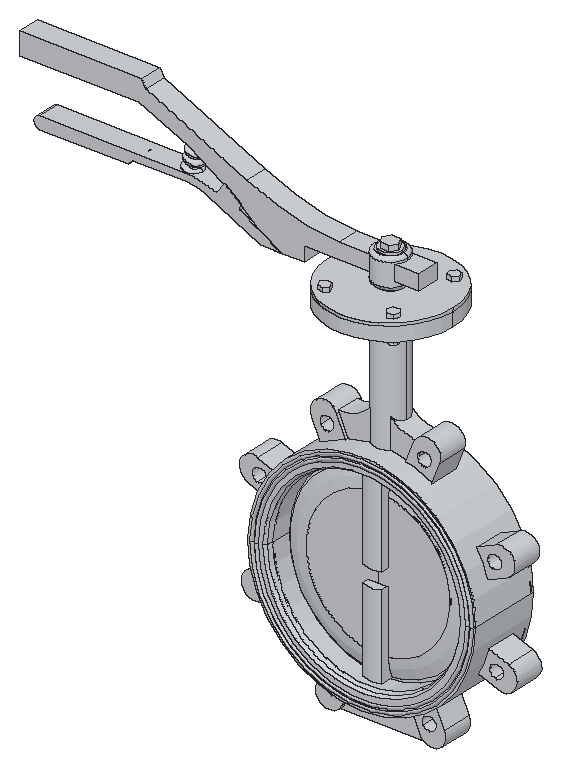
Revit family "R59FLX010", category Plumbing Fixtures, Revit 2015
Reference planes
  plane 1 "Center (Front/Back)": y = 0
  plane 2: z = 0
  plane 3 "Center (Left/Right)": x = 0
  plane 4: z = 180
  plane 5: x = -260
  plane 6: z = 257
  plane 7: z = -100
  plane 8: z = -30
  plane 9: z = 210
  plane 10: y = -25.738
  plane 11: y = 25.762
Forms (mm)
  Extrusion 1, solid
    sketch origin (0, 0, 170) x (1, 0, 0) y (0, 1, 0)
      loop
        circle (0, 0) r 45
    from 0 to 10
  Extrusion 2, solid
    sketch origin (0, 45.948, -100.573) x (1, 0, 0) y (0, 0, 1)
      loop
        arc (-96.679, 319.319) -> (-132.67, 336.792) -> (-169.654, 352.049) r 659.286
        line (-169.654, 352.049) -> (-172.843, 357.573) -> (-260, 357.573) -> (-260, 341.853) -> (-174.471, 341.853)
        arc (-174.471, 341.853) -> (-122.152, 316.93) -> (-77.024, 280.573) r 248.649
        line (-77.024, 280.573) -> (-55.568, 280.573) -> (-55.568, 291.199) -> (26.878, 291.199) -> (26.878, 302.179) -> (-30.767, 302.179)
        arc (-30.767, 302.179) -> (-64.704, 306.978) -> (-96.679, 319.319) r 150.722
    from 37.966 to 54.11
  Extrusion 3, solid
    sketch origin (-37.783, 45.948, -170.087) x (1, 0, 0) y (0, 0, 1)
      loop
        line (-98.516, 377.301) -> (-208.006, 377.301)
        arc (-208.006, 377.301) -> (-212.274, 373.033) -> (-208.006, 368.766) r 4.268
        line (-208.006, 368.766) -> (-144.475, 368.766) -> (-140.939, 372.301) -> (-103.305, 372.301)
        arc (-103.305, 372.301) -> (-95.507, 371.471) -> (-88.058, 369.019) r 37.057
        arc (-88.058, 369.019) -> (-68.407, 360.05) -> (-49.241, 350.087) r 421.945
        line (-49.241, 350.087) -> (-34.866, 350.087)
        arc (-34.866, 350.087) -> (-48.985, 359.43) -> (-64, 367.252) r 162.429
        line (-64, 367.252) -> (-63.437, 371.843) -> (-74.98, 380.231) -> (-80.609, 372.485)
        arc (-80.609, 372.485) -> (-89.36, 375.646) -> (-98.516, 377.301) r 55.494
    from 37.966 to 54.11
  Extrusion 4, solid
    sketch origin (0, 0, -76.95) x (1, 0, 0) y (0, 1, 0)
      loop
        circle (0, 0) r 12
    from 148.302 to 246.95
  Revolve 5, solid
    sketch origin (0, 0, 0) x (0, 1, 0) y (0, 0, 1)
      loop
        line (11.11, 0) -> (-11.11, 0) -> (-11.11, -52.063)
        arc (-11.11, -52.063) -> (-10.279, -59.224) -> (-8, -66.063) r 35.039
        line (-8, -66.063) -> (-6, -66.063) -> (-6, -68.863) -> (6, -68.863) -> (6, -66.063) -> (8, -66.063)
        arc (8, -66.063) -> (10.279, -59.224) -> (11.11, -52.063) r 35.039
        line (11.11, -52.063) -> (11.11, 0)
      axis (11.11, 0) -> (-11.11, 0)
    angle from 0 to 360
  Blend 6, solid
    base sketch origin (0, 0, -4.163) x (1, 0, 0) y (0, 1, 0)
      loop
        line (-6.883, 16.4) -> (-6.883, -16.4)
        arc (-6.883, -16.4) -> (0, -18.078) -> (6.883, -16.4) r 14.953
        line (6.883, -16.4) -> (6.883, 16.4)
        arc (6.883, 16.4) -> (0, 18.078) -> (-6.883, 16.4) r 14.953
    top sketch origin (0, 0, 0) x (1, 0, 0) y (0, 1, 0)
      loop
        line (-6.883, 16.4) -> (-6.883, -16.4)
        arc (-6.883, -16.4) -> (0, -18.078) -> (6.883, -16.4) r 14.953
        line (6.883, -16.4) -> (6.883, 16.4)
        arc (6.883, 16.4) -> (0, 18.078) -> (-6.883, 16.4) r 14.953
    from 10.163 to 65.957
  Blend 7, solid
    base sketch origin (0, 0, -38.601) x (0, -1, 0) y (1, 0, 0)
      loop
        line (-16.4, -6.883) -> (16.4, -6.883)
        arc (16.4, -6.883) -> (18.078, 0) -> (16.4, 6.883) r 14.953
        line (16.4, 6.883) -> (-16.4, 6.883)
        arc (-16.4, 6.883) -> (-18.078, 0) -> (-16.4, -6.883) r 14.953
    top sketch origin (0, 0, -35.117) x (0, -1, 0) y (1, 0, 0)
      loop
        line (-16.4, -6.883) -> (16.4, -6.883)
        arc (16.4, -6.883) -> (18.078, 0) -> (16.4, 6.883) r 14.953
        line (16.4, 6.883) -> (-16.4, 6.883)
        arc (-16.4, 6.883) -> (-18.078, 0) -> (-16.4, -6.883) r 14.953
    from -27.451 to 29.117
  Extrusion 8, solid
    sketch origin (-8.17, 0, 17.063) x (0.99863, 0, -0.052336) y (0.052336, 0, 0.99863)
      loop
        line (-18.251, 60.114) -> (-25.459, 74.264)
        arc (-25.459, 74.264) -> (-38.908, 78.635) -> (-43.28, 65.186) r 10
        line (-43.28, 65.186) -> (-36.072, 51.036) -> (-18.251, 60.114)
      loop
        circle (-32.1, 65.269) r 5
    from -10.546 to 10.991
  Extrusion 9, solid
    sketch origin (6.288, 0, 17.843) x (0.669131, 0, -0.743145) y (0.743145, 0, 0.669131)
      loop
        line (-18.251, 60.114) -> (-25.459, 74.264)
        arc (-25.459, 74.264) -> (-38.908, 78.635) -> (-43.28, 65.186) r 10
        line (-43.28, 65.186) -> (-36.072, 51.036) -> (-18.251, 60.114)
      loop
        circle (-32.1, 65.269) r 5
    from -10.546 to 10.991
  Extrusion 10, solid
    sketch origin (17.063, 0, 8.17) x (-0.052336, 0, -0.99863) y (0.99863, 0, -0.052336)
      loop
        line (-18.251, 60.114) -> (-25.459, 74.264)
        arc (-25.459, 74.264) -> (-38.908, 78.635) -> (-43.28, 65.186) r 10
        line (-43.28, 65.186) -> (-36.072, 51.036) -> (-18.251, 60.114)
      loop
        circle (-32.1, 65.269) r 5
    from -10.546 to 10.991
  Extrusion 11, solid
    sketch origin (17.843, 0, -6.288) x (-0.743145, 0, -0.669131) y (0.669131, 0, -0.743145)
      loop
        line (-18.251, 60.114) -> (-25.459, 74.264)
        arc (-25.459, 74.264) -> (-38.908, 78.635) -> (-43.28, 65.186) r 10
        line (-43.28, 65.186) -> (-36.072, 51.036) -> (-18.251, 60.114)
      loop
        circle (-32.1, 65.269) r 5
    from -10.546 to 10.991
  Extrusion 12, solid
    sketch origin (8.17, 0, -17.063) x (-0.99863, 0, 0.052336) y (-0.052336, 0, -0.99863)
      loop
        line (-18.251, 60.114) -> (-25.459, 74.264)
        arc (-25.459, 74.264) -> (-38.908, 78.635) -> (-43.28, 65.186) r 10
        line (-43.28, 65.186) -> (-36.072, 51.036) -> (-18.251, 60.114)
      loop
        circle (-32.1, 65.269) r 5
    from -10.546 to 10.991
  Extrusion 13, solid
    sketch origin (-6.288, 0, -17.843) x (-0.669131, 0, 0.743145) y (-0.743145, 0, -0.669131)
      loop
        line (-18.251, 60.114) -> (-25.459, 74.264)
        arc (-25.459, 74.264) -> (-38.908, 78.635) -> (-43.28, 65.186) r 10
        line (-43.28, 65.186) -> (-36.072, 51.036) -> (-18.251, 60.114)
      loop
        circle (-32.1, 65.269) r 5
    from -10.546 to 10.991
  Extrusion 14, solid
    sketch origin (-17.063, 0, -8.17) x (0.052336, 0, 0.99863) y (-0.99863, 0, 0.052336)
      loop
        line (-18.251, 60.114) -> (-25.459, 74.264)
        arc (-25.459, 74.264) -> (-38.908, 78.635) -> (-43.28, 65.186) r 10
        line (-43.28, 65.186) -> (-36.072, 51.036) -> (-18.251, 60.114)
      loop
        circle (-32.1, 65.269) r 5
    from -10.546 to 10.991
  Extrusion 15, solid
    sketch origin (-17.843, 0, 6.288) x (0.743145, 0, 0.669131) y (-0.669131, 0, 0.743145)
      loop
        line (-18.251, 60.114) -> (-25.459, 74.264)
        arc (-25.459, 74.264) -> (-38.908, 78.635) -> (-43.28, 65.186) r 10
        line (-43.28, 65.186) -> (-36.072, 51.036) -> (-18.251, 60.114)
      loop
        circle (-32.1, 65.269) r 5
    from -10.546 to 10.991
  Extrusion 16, solid
    sketch origin (99.126, -27.447, 182) x (0, -1, 0) y (1, 0, 0)
      loop
        line (3.99, -123.113) -> (0.805, -120.344) -> (-3.184, -121.718) -> (-3.99, -125.86) -> (-0.805, -128.628) -> (3.184, -127.254) -> (3.99, -123.113)
    from 0 to 3
  Extrusion 17, solid
    sketch origin (99.126, -27.447, 162) x (0, -1, 0) y (1, 0, 0)
      loop
        circle (0, -124.486) r 3
    from 2.505 to 20
  Extrusion 18, solid
    sketch origin (99.126, -27.447, 169) x (0, -1, 0) y (1, 0, 0)
      loop
        line (3.99, -123.113) -> (0.805, -120.344) -> (-3.184, -121.718) -> (-3.99, -125.86) -> (-0.805, -128.628) -> (3.184, -127.254) -> (3.99, -123.113)
      loop
        line (-3.444, -125.672) -> (-0.695, -128.061) -> (2.749, -126.876) -> (3.444, -123.301) -> (0.695, -120.911) -> (-2.749, -122.097) -> (-3.444, -125.672)
    from -1.968 to 1
  Extrusion 19, solid, not visible
    sketch origin (26.117, -96.518, 104.233) x (0, -1, 0) y (1, 0, 0)
      loop
        line (3.99, -123.113) -> (0.805, -120.344) -> (-3.184, -121.718) -> (-3.99, -125.86) -> (-0.805, -128.628) -> (3.184, -127.254) -> (3.99, -123.113)
    from 0 to 3
  Extrusion 20, solid, not visible
    sketch origin (26.117, -96.518, 84.233) x (0, -1, 0) y (1, 0, 0)
      loop
        circle (0, -124.486) r 3
    from 2.505 to 20
  Extrusion 21, solid, not visible
    sketch origin (26.117, -96.518, 91.233) x (0, -1, 0) y (1, 0, 0)
      loop
        line (3.99, -123.113) -> (0.805, -120.344) -> (-3.184, -121.718) -> (-3.99, -125.86) -> (-0.805, -128.628) -> (3.184, -127.254) -> (3.99, -123.113)
      loop
        line (-3.444, -125.672) -> (-0.695, -128.061) -> (2.749, -126.876) -> (3.444, -123.301) -> (0.695, -120.911) -> (-2.749, -122.097) -> (-3.444, -125.672)
    from -1.968 to 1
  Extrusion 22, solid
    sketch origin (0, 0, 180) x (1, 0, 0) y (0, 1, 0)
      loop
        circle (0, 0) r 45
    from 0 to 2
  Extrusion 23, solid
    sketch origin (99.126, -27.447, 182) x (0, -1, 0) y (1, 0, 0)
      loop
        line (-58.884, -123.113) -> (-58.079, -127.254) -> (-54.09, -128.628) -> (-50.905, -125.86) -> (-51.71, -121.718) -> (-55.7, -120.344) -> (-58.884, -123.113)
    from 0 to 3
  Extrusion 24, solid
    sketch origin (99.126, -27.447, 162) x (0, -1, 0) y (1, 0, 0)
      loop
        circle (-54.895, -124.486) r 3
    from 2.505 to 20
  Extrusion 25, solid
    sketch origin (99.126, -27.447, 169) x (0, -1, 0) y (1, 0, 0)
      loop
        line (-58.884, -123.113) -> (-58.079, -127.254) -> (-54.09, -128.628) -> (-50.905, -125.86) -> (-51.71, -121.718) -> (-55.7, -120.344) -> (-58.884, -123.113)
      loop
        line (-51.451, -125.672) -> (-52.146, -122.097) -> (-55.59, -120.911) -> (-58.339, -123.301) -> (-57.644, -126.876) -> (-54.2, -128.061) -> (-51.451, -125.672)
    from -1.968 to 1
  Extrusion 26, solid
    sketch origin (-100.376, 27.447, 182) x (0, 1, 0) y (-1, 0, 0)
      loop
        line (-58.884, -123.113) -> (-58.079, -127.254) -> (-54.09, -128.628) -> (-50.905, -125.86) -> (-51.71, -121.718) -> (-55.7, -120.344) -> (-58.884, -123.113)
    from 0 to 3
  Extrusion 27, solid
    sketch origin (-100.376, 27.447, 162) x (0, 1, 0) y (-1, 0, 0)
      loop
        circle (-54.895, -124.486) r 3
    from 2.505 to 20
  Extrusion 28, solid
    sketch origin (-100.376, 27.447, 169) x (0, 1, 0) y (-1, 0, 0)
      loop
        line (-58.884, -123.113) -> (-58.079, -127.254) -> (-54.09, -128.628) -> (-50.905, -125.86) -> (-51.71, -121.718) -> (-55.7, -120.344) -> (-58.884, -123.113)
      loop
        line (-51.451, -125.672) -> (-52.146, -122.097) -> (-55.59, -120.911) -> (-58.339, -123.301) -> (-57.644, -126.876) -> (-54.2, -128.061) -> (-51.451, -125.672)
    from -1.968 to 1
  Extrusion 29, solid
    sketch origin (-100.376, 27.447, 182) x (0, 1, 0) y (-1, 0, 0)
      loop
        line (3.99, -123.113) -> (0.805, -120.344) -> (-3.184, -121.718) -> (-3.99, -125.86) -> (-0.805, -128.628) -> (3.184, -127.254) -> (3.99, -123.113)
    from 0 to 3
  Extrusion 30, solid
    sketch origin (-100.376, 27.447, 162) x (0, 1, 0) y (-1, 0, 0)
      loop
        circle (0, -124.486) r 3
    from 2.505 to 20
  Extrusion 31, solid
    sketch origin (-100.376, 27.447, 169) x (0, 1, 0) y (-1, 0, 0)
      loop
        line (3.99, -123.113) -> (0.805, -120.344) -> (-3.184, -121.718) -> (-3.99, -125.86) -> (-0.805, -128.628) -> (3.184, -127.254) -> (3.99, -123.113)
      loop
        line (-3.444, -125.672) -> (-0.695, -128.061) -> (2.749, -126.876) -> (3.444, -123.301) -> (0.695, -120.911) -> (-2.749, -122.097) -> (-3.444, -125.672)
    from -1.968 to 1
  Extrusion 32, solid
    sketch origin (125.063, -27.447, 207.144) x (0, -1, 0) y (1, 0, 0)
      loop
        line (-32.638, -122.069) -> (-32.638, -128.062) -> (-27.447, -131.059) -> (-22.257, -128.062) -> (-22.257, -122.069) -> (-27.447, -119.072) -> (-32.638, -122.069)
    from -1.014 to 2.856
  Extrusion 33, solid
    sketch origin (124.477, -54.895, 202.2) x (0, -1, 0) y (1, 0, 0)
      loop
        circle (-54.895, -124.486) r 8
    from -22.2 to 3.931
  Sweep 34, solid
    path origin (0, 0, 0) x (1, 0, 0) y (0, 0, 1)
      loop
        circle (0, 0) r 82
    profile origin (0, 0, -82) x (0, 0, 1) y (0, -1, 0)
      loop
        line (0, 25.762) -> (0, -25.762) -> (1.765, -25.762)
        arc (1.765, -25.762) -> (2.779, -26.776) -> (3.792, -25.762) r 1.014
        line (3.792, -25.762) -> (5.065, -25.762)
        arc (5.065, -25.762) -> (6.079, -26.776) -> (7.093, -25.762) r 1.014
        line (7.093, -25.762) -> (10.888, -25.762) -> (12.517, -23.42) -> (13.454, -19.923) -> (13.454, 19.923) -> (12.517, 23.42) -> (10.888, 25.762) -> (7.093, 25.762)
        arc (7.093, 25.762) -> (6.079, 26.776) -> (5.065, 25.762) r 1.014
        line (5.065, 25.762) -> (3.792, 25.762)
        arc (3.792, 25.762) -> (2.779, 26.776) -> (1.765, 25.762) r 1.014
        line (1.765, 25.762) -> (0, 25.762)
  Extrusion 35, solid
    sketch origin (0, 0, 18.715) x (1, 0, 0) y (0, 0, 1)
      loop
        line (-24.216, 57.237) -> (24.108, 57.237) -> (32.241, 75.509)
        arc (32.241, 75.509) -> (14.209, 79.129) -> (1.583, 92.502) r 30.334
        line (1.583, 92.502) -> (1.583, 61.435) -> (-1.691, 61.435) -> (-1.691, 92.502)
        arc (-1.691, 92.502) -> (-14.317, 79.129) -> (-32.348, 75.509) r 30.334
        line (-32.348, 75.509) -> (-24.216, 57.237)
    from -7.881 to 9.454
  Extrusion 36, solid
    sketch origin (-2.813, 0.293, -2.432) x (1, 0, 0) y (0, 0, 1)
      loop
        line (35.926, -91.785) -> (29.17, -76.612) -> (-20.052, -76.612) -> (-25.733, -91.406)
        arc (-25.733, -91.406) -> (-26.681, -93.267) -> (-27.996, -94.891) r 10
        line (-27.996, -94.891) -> (38.28, -94.891)
        arc (38.28, -94.891) -> (36.924, -93.474) -> (35.926, -91.785) r 8.561
    from -9.388 to 9.974
  Revolve 37, solid
    sketch origin (0, 0, 40) x (1, 0, 0) y (0, 0, 1)
      loop
        line (-9.486, 143.746) -> (0, 143.746) -> (0, 165) -> (-9.486, 165)
        arc (-9.486, 165) -> (-11.259, 164.265) -> (-11.994, 162.492) r 2.508
        line (-11.994, 162.492) -> (-11.994, 146.254)
        arc (-11.994, 146.254) -> (-11.259, 144.481) -> (-9.486, 143.746) r 2.508
      axis (0, 143.746) -> (0, 165)
    angle from 0 to 360
  Sweep 38, solid
    path origin (-48.156, 0, 206.496) x (0.978732, 0, -0.205142) y (0, 1, 0)
      loop
        circle (-92.344, 0) r 5
    profile origin (-138.536, 5, 225.439) x (0, -1, 0) y (0.205142, 0, 0.978732)
      loop
        circle (0, 0) r 2
  Sweep 39, solid
    path origin (-49.24, 0, 200.236) x (0.978732, 0, -0.205142) y (0, 1, 0)
      loop
        circle (-92.344, 0) r 5
    profile origin (-139.62, 5, 219.18) x (0, -1, 0) y (0.205142, 0, 0.978732)
      loop
        circle (0, 0) r 2
  Sweep 40, solid
    path origin (-50.258, 0, 194.62) x (0.978732, 0, -0.205142) y (0, 1, 0)
      loop
        circle (-92.344, 0) r 5
    profile origin (-140.638, 5, 213.564) x (0, -1, 0) y (0.205142, 0, 0.978732)
      loop
        circle (0, 0) r 2
  Sweep 41, solid
    path origin (-51.686, 0, 187.994) x (0.978732, 0, -0.205142) y (0, 1, 0)
      loop
        circle (-92.344, 0) r 5
    profile origin (-142.066, 5, 206.938) x (0, -1, 0) y (0.205142, 0, 0.978732)
      loop
        circle (0, 0) r 2
Dimensions and locks
  plane 2 to plane 4 = 180 mm
  plane 3 "Center (Left/Right)" to plane 5 = 260 mm
  level to plane 6 = 257 mm
  plane 7 to level = 100 mm
  locked: plane 4 to plane 9 at 30
  plane 11 to plane 10 = 51.5 mm
  aligned and locked: level to plane 2
